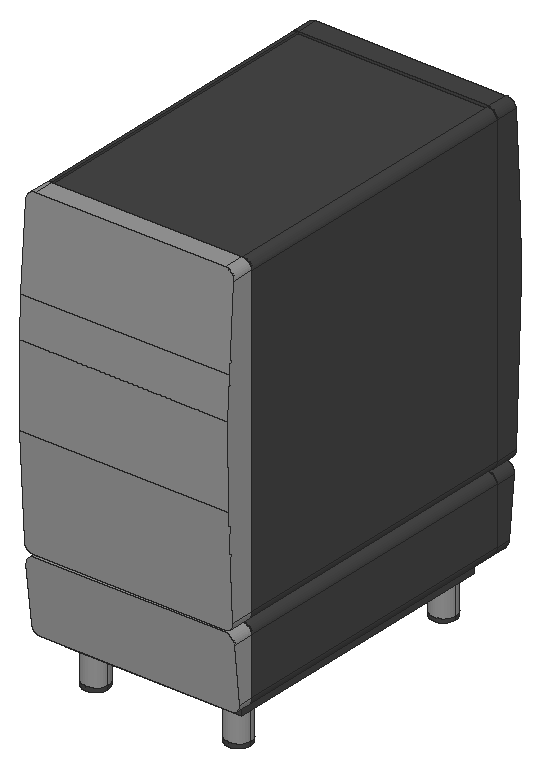
Revit family "Franke_Refrigeration_side_unit_SU05_EC-A600_MS_EC_A600_FM_EC_A800_FM_EC(EU,CH,GB)", category Specialty Equipment, Revit 2015
Parameters (values of type "Refrigeration side unit SU05 EC-A600 MS EC,A600 FM EC,A800 FM EC(220-240V/anthracite/EU,CH,GB)")
  URL = "https://www.franke.com/main/en/cs/products/product-search.html"
  Depth (mm) = 475 mm
  Temperature range = "+ 3° C to +8° C"
  Volts min. = 220 V
  Volts max. = 240 V
  Max Overcurrent Protection = "-"
  Cycle Alternative = 60 Hz
  Cycle = 50 Hz
  Model = "410873 - Refrigeration side unit SU05 EC - A600 MS EC, A600 FM EC, A800 FM EC"
  Milk storage = "5 l"
  Current consumption = 0.72 A
  Cost = 0
  Height (mm) = 585 mm
  Manufacturer = "Franke"
  Energy loss acc. to DIN 18873 = "0.638 kWh/24 h - 230 V"
  Width (mm) = 270 mm
  Description = "Refrigeration side unit SU05 for storage of cooled milk"
  Assembly Code = "Refrigeration side unit SU05"
  Keynote = "Refrigeration side unit SU05"
  Weight = "18 kg"
  Number of Poles = 1
  Number of Protective Conductors = "1"
  Number of Nutral Conductors = "1"
  Frontcover = Franke Anthracite
Types (3, lengths in mm): name | Frontcover
  (no name) | Franke Anthracite
  Refrigeration side unit SU05 EC-A600 MS EC,A600 FM EC,A800 FM EC(220-240V/black line/EU,CH,GB) | Franke Black
  Refrigeration side unit SU05 EC-A600 MS EC,A600 FM EC,A800 FM EC(220-240V/anthracite/EU,CH,GB) | Franke Anthracite
Reference planes
  plane 1 "Mitte (Vorne/Hinten)": y = 0
  plane 2: z = 0
  plane 3 "Mitte (Links/Rechts)": x = 0
Forms (mm)
  Extrusion 1, solid, material "Franke Black"
    sketch origin (0, 0, 0) x (1, 0, 0) y (0, 0, 1)
      loop
        line (123, 586) -> (-123, 586)
        arc (-123, 586) -> (-131.485, 582.485) -> (-135, 574) r 12
        line (-135, 574) -> (-135, 178)
        arc (-135, 178) -> (-131.485, 169.515) -> (-123, 166) r 12
        line (-123, 166) -> (123, 166)
        arc (123, 166) -> (131.485, 169.515) -> (135, 178) r 12
        line (135, 178) -> (135, 574)
        arc (135, 574) -> (131.485, 582.485) -> (123, 586) r 12
      loop
        arc (-135, 78) -> (-131.485, 69.515) -> (-123, 66) r 12
        line (-123, 66) -> (123, 66)
        arc (123, 66) -> (131.485, 69.515) -> (135, 78) r 12
        line (135, 78) -> (135, 151)
        arc (135, 151) -> (131.485, 159.485) -> (123, 163) r 12
        line (123, 163) -> (-123, 163)
        arc (-123, 163) -> (-131.485, 159.485) -> (-135, 151) r 12
        line (-135, 151) -> (-135, 78)
    from -198.03 to 198.03
  Extrusion 2, solid, material "Franke Black"
    sketch origin (0, 0, 0) x (1, 0, 0) y (0, 0, 1)
      loop
        line (-114, 66) -> (-114, 46) -> (114, 46) -> (114, 66) -> (-114, 66)
    from -186.97 to 188.03
  Extrusion 3, solid, material "Franke Anthracite" <- "Frontcover"
    sketch origin (0, 0, 0) x (0, 1, 0) y (0, 0, 1)
      loop
        line (-199.53, 586) -> (-226.03, 586)
        arc (-226.03, 586) -> (-230.318, 527.256) -> (-234.387, 468.497) r 15843.742
        arc (-234.387, 468.497) -> (-235.812, 442.176) -> (-236.543, 415.826) r 1000
        arc (-236.543, 415.826) -> (-236.783, 362.852) -> (-235.96, 309.883) r 2640.505
        arc (-235.96, 309.883) -> (-232.928, 237.872) -> (-227.52, 166) r 2182.336
        line (-227.52, 166) -> (-199.53, 166) -> (-199.53, 586)
      loop
        arc (-227.242, 163) -> (-222.173, 114.438) -> (-216.03, 66) r 2207.212
        line (-216.03, 66) -> (-199.53, 66) -> (-199.53, 163) -> (-227.242, 163)
    from -135 to 135
  Extrusion 4, solid, material "Franke Black"
    sketch origin (0, 0, 0) x (1, 0, 0) y (0, 0, 1)
      loop
        line (-120, 576) -> (-120, 66) -> (120, 66) -> (120, 576) -> (-120, 576)
    from 198.03 to 199.53
  Extrusion 5, solid, material "Franke Black"
    sketch origin (0, 397.56, 0) x (1, 0, 0) y (0, 0, 1)
      loop
        line (-120, 576) -> (-120, 66) -> (120, 66) -> (120, 576) -> (-120, 576)
    from 198.03 to 199.53
  Extrusion 6, solid, material "Franke Black"
    sketch origin (0, 0, 0) x (1, 0, 0) y (0, 1, 0)
      loop
        line (-107.375, 116.841) -> (-107.375, 95.391) -> (-90.625, 95.391) -> (-90.625, 116.841) -> (-107.375, 116.841)
      loop
        line (-107.375, -98.159) -> (-107.375, -119.609) -> (-90.625, -119.609) -> (-90.625, -98.159) -> (-107.375, -98.159)
      loop
        line (107.375, 116.841) -> (90.625, 116.841) -> (90.625, 95.391) -> (107.375, 95.391) -> (107.375, 116.841)
      loop
        line (107.375, -98.159) -> (90.625, -98.159) -> (90.625, -119.609) -> (107.375, -119.609) -> (107.375, -98.159)
    from 42 to 46
  Extrusion 7, solid, material "Franke Black"
    sketch origin (0, 0, 0) x (0, 1, 0) y (0, 0, 1)
      loop
        line (228.03, 586) -> (199.53, 586) -> (199.53, 166) -> (227.909, 166)
        arc (227.909, 166) -> (234.785, 268.409) -> (237.114, 371.022) r 2314.482
        arc (237.114, 371.022) -> (237.115, 384.228) -> (237.104, 397.434) r 15169.055
        arc (237.104, 397.434) -> (236.381, 442.975) -> (234.325, 488.477) r 1555
        arc (234.325, 488.477) -> (231.291, 537.246) -> (228.03, 586) r 10528.092
      loop
        line (199.53, 66) -> (216.03, 66)
        arc (216.03, 66) -> (222.776, 114.386) -> (227.62, 163) r 1246.054
        line (227.62, 163) -> (199.53, 163) -> (199.53, 66)
    from -135 to 135
  Extrusion 8, void
    sketch origin (0, 0, 0) x (1, 0, 0) y (0, 0, 1)
      loop
        line (-123, 586) -> (-123, 596) -> (-145, 596) -> (-145, 574) -> (-135, 574)
        arc (-135, 574) -> (-131.485, 582.485) -> (-123, 586) r 12
      loop
        arc (123, 586) -> (131.485, 582.485) -> (135, 574) r 12
        line (135, 574) -> (145, 574) -> (145, 596) -> (123, 596) -> (123, 586)
      loop
        arc (-123, 166) -> (-131.485, 169.515) -> (-135, 178) r 12
        line (-135, 178) -> (-145, 178) -> (-145, 151) -> (-135, 151)
        arc (-135, 151) -> (-131.485, 159.485) -> (-123, 163) r 12
        line (-123, 163) -> (-123, 166)
      loop
        line (123, 66) -> (123, 56) -> (145, 56) -> (145, 78) -> (135, 78)
        arc (135, 78) -> (131.485, 69.515) -> (123, 66) r 12
      loop
        arc (-123, 66) -> (-131.485, 69.515) -> (-135, 78) r 12
        line (-135, 78) -> (-145, 78) -> (-145, 56) -> (-123, 56) -> (-123, 66)
      loop
        line (123, 166) -> (123, 163)
        arc (123, 163) -> (131.485, 159.485) -> (135, 151) r 12
        line (135, 151) -> (145, 151) -> (145, 178) -> (135, 178)
        arc (135, 178) -> (131.485, 169.515) -> (123, 166) r 12
    from -299.15 to 303.805
  Extrusion 9, solid, material "Franke Chrome"
    sketch origin (0, 0, 0) x (1, 0, 0) y (0, 1, 0)
      loop
        circle (-92.5, 165.116) r 16
      loop
        circle (-92.5, -166.823) r 16
      loop
        circle (92.5, 165.116) r 16
      loop
        circle (92.5, -166.823) r 16
    from 5 to 46
  Extrusion 10, solid, material "Franke Chrome"
    sketch origin (0, 0, 42) x (1, 0, 0) y (0, 1, 0)
      loop
        circle (0, 157.898) r 2.5
    from 0 to 4
  Extrusion 11, solid, material "Franke Black"
    sketch origin (0, 0, 0) x (0, -1, 0) y (1, 0, 0)
      loop
        circle (-165.116, -92.5) r 16
      loop
        circle (166.823, -92.5) r 16
      loop
        circle (-165.116, 92.5) r 16
      loop
        circle (166.823, 92.5) r 16
    from 0 to 5
  Extrusion 12, void
    sketch origin (-1311.638, -464.12, 0) x (1, 0, 0) y (0, 1, 0)
      loop
        line (1188.638, 262.562) -> (1434.638, 262.562) -> (1434.638, 666.304) -> (1188.638, 666.304) -> (1188.638, 262.562)
    from 584 to 662.067
Cuts and joins
  Extrusion 8 cuts Extrusion 7
  Extrusion 8 cuts Extrusion 3
  Extrusion 12 cuts Extrusion 1
Dimensions and locks
  aligned and locked: level to plane 2
Connectors
  electrical at (0, 157.898, 42), driven by "Number of Poles", driven by "Volts max."
    settings: on Extrusion 10, index 2, voltage 240 V, apparent load 0 VA, apparent load phase1 0 VA, apparent load phase2 0 VA, apparent load phase3 0 VA, power factor 1, load classification "Strom", number of poles 1, system type 31, power factor state 1, is connector primary yes, connector utility no, sub classification motor no, connector description ""
